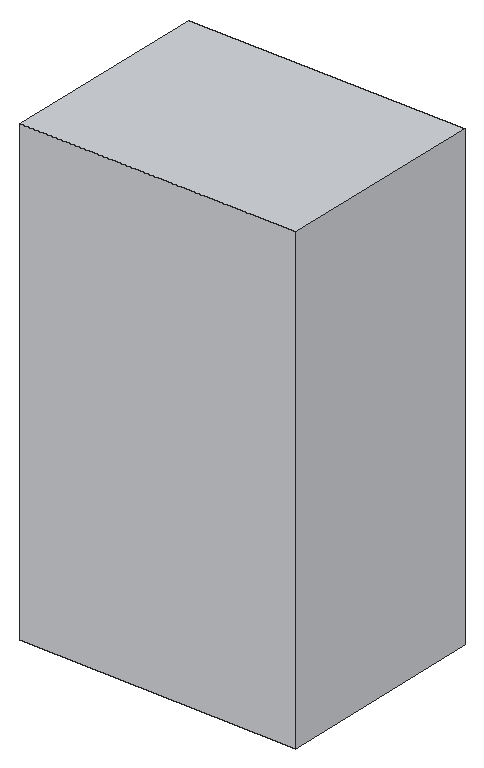
Revit family
Parameters
  Trim Material = Metal - Stainless Steel
  Body Material = Metal - Stainless Steel
  Warranty Duration (Years) = 0
  URL = "http://www.americanspecialties.com/viewCategories.cfm"
  Test Data = ""
  Specification = "http://www.arcat.com/sdspecs/htm/10810asi.htm"
  SpecWizard = ""
  Send Message = "http://www.arcat.com/users.pl?action=UserEmail&company=American%20Specialties,%20Inc.&coid=30448&rep=139&fax=914-476-0688&mf="
  Sales Information = "http://www.americanspecialties.com/contact"
  Revision = "R1_10-2010"
  Product Properties = "http://www.americanspecialties.com/datasheets/0267.pdf"
  Product Data = "http://www.arcat.com/arcatcos/cos30/arc30448.html"
  Model = "As Specified in 10 28 13"
  Manufacturer Website = "http://www.americanspecialties.com/viewCategories.cfm"
  Manufacturer Phone - Toll Free = ""
  Manufacturer Phone = "914-476-9000 "
  Manufacturer Fax = "914-476-0688"
  Manufacturer Address = "441 Saw Mill River Rd., Yonkers, NY 10701"
  Manufacturer = "American Specialties, Inc."
  Maintenance Schedule (Months) = 0
  Keynote = "10 28 13"
  Installation-Fabrication = "http://www.americanspecialties.com/products.cfm"
  Green Building-LEED = ""
  Expected Lifespan (Years) = 0
  Drawn By = "Robert S. Weygant. CSI, CDT, SCIP"  # constant formula
  Description = "Toilet Accessory as Specified in 10 28 13"
  Default Elevation = 4' - 0"
  Copyright = "©Arcat Inc."
  Construction Details = "http://www.arcat.com/green/clients/leed_data_30448.html"
  Building Codes = "http://www.americanspecialties.com/products.cfm"
  Assembly Code = "C1030210"
Reference planes (in)
  plane 1 "Center (Front/Back)": y = -0.29112
  plane 2 "Floor Line": z = 0
  plane 3 "Center (Left/Right)": x = -0.65843
  plane 4: x = -7.72093
  plane 5: x = 6.40407
  plane 6: y = 3.58388
  plane 7: y = -4.16612
Forms (in)
  Extrusion 1, solid
    sketch origin (-3.65843, -10.3328, -6) x (0, 0, -1) y (1, 0, 0)
      loop
        line (-82, 26) -> (-82, -19.34712) -> (-6, -19.34712) -> (-6, 26) -> (-82, 26)
    from 9 to -25.60721
  Extrusion 2, solid, material "Metal - Stainless Steel" <- "Body Material"
    sketch origin (0, 0, 0) x (1, 0, 0) y (0, 1, 0)
      loop
        line (-7.65843, 3.58388) -> (-7.65843, -3.91612)
        arc (-7.65843, -3.91612) -> (-7.58521, -4.09289) -> (-7.40843, -4.16612) r 0.25
        line (-7.40843, -4.16612) -> (6.09157, -4.16612)
        arc (6.09157, -4.16612) -> (6.26834, -4.09289) -> (6.34157, -3.91612) r 0.25
        line (6.34157, -3.91612) -> (6.34157, 3.58388) -> (-7.65843, 3.58388)
      loop
        arc (-6.28343, 1.78533) -> (-6.15843, 1.31883) -> (-6.03343, 1.78533) r 0.25
        line (-6.03343, 1.78533) -> (-6.03343, 2.19383)
        arc (-6.03343, 2.19383) -> (-6.15843, 2.31883) -> (-6.28343, 2.19383) r 0.125
        line (-6.28343, 2.19383) -> (-6.28343, 1.78533)
      loop
        line (4.96657, 1.78533) -> (4.96657, 2.19383)
        arc (4.96657, 2.19383) -> (4.84157, 2.31883) -> (4.71657, 2.19383) r 0.125
        line (4.71657, 2.19383) -> (4.71657, 1.78533)
        arc (4.71657, 1.78533) -> (4.84157, 1.31883) -> (4.96657, 1.78533) r 0.25
      loop
        arc (-5.65843, -1.73144) -> (-5.78343, -1.85644) -> (-5.65843, -1.98144) r 0.125
        line (-5.65843, -1.98144) -> (-4.65843, -1.98144)
        arc (-4.65843, -1.98144) -> (-4.53343, -1.85644) -> (-4.65843, -1.73144) r 0.125
        line (-4.65843, -1.73144) -> (-5.65843, -1.73144)
      loop
        line (4.34157, -1.73144) -> (3.34157, -1.73144)
        arc (3.34157, -1.73144) -> (3.21657, -1.85644) -> (3.34157, -1.98144) r 0.125
        line (3.34157, -1.98144) -> (4.34157, -1.98144)
        arc (4.34157, -1.98144) -> (4.46657, -1.85644) -> (4.34157, -1.73144) r 0.125
    from 0 to 0.0625
  Extrusion 3, solid, material "Metal - Stainless Steel" <- "Body Material"
    sketch origin (-0.65843, 0, 0) x (0, 1, 0) y (0, 0, 1)
      loop
        line (-0.29112, 6.5) -> (-0.29112, 6.4394) -> (3.54741, 0.0625) -> (3.58388, 0.0625) -> (-0.29112, 6.5)
    from -7.0625 to 7.0625
  Extrusion 4, solid, material "Metal - Stainless Steel" <- "Body Material"
    sketch origin (-0.65843, 0, 0) x (0, 1, 0) y (0, 0, 1)
      loop
        line (3.58388, 0.0625) -> (-0.29112, 6.5) -> (-3.16612, 0.0625) -> (3.58388, 0.0625)
    from -7.0625 to -7.03125
  Extrusion 5, solid, material "Metal - Stainless Steel" <- "Body Material"
    sketch origin (-0.65843, 0, 0) x (0, 1, 0) y (0, 0, -1)
      loop
        line (3.58388, -0.0625) -> (-3.16612, -0.0625) -> (-0.29112, -6.5) -> (3.58388, -0.0625)
    from -7.0625 to -7.03125
  Extrusion 6, solid, material "Metal - Stainless Steel" <- "Body Material"
    sketch origin (-0.65843, 0, 0) x (0, 1, 0) y (0, 0, 1)
      loop
        line (-0.05425, 6.1065) -> (-0.29112, 6.5) -> (-0.36882, 6.326) -> (-0.18817, 6.02589) -> (-0.05425, 6.1065)
    from -7.0625 to 7.0625
Cuts and joins
  joined: Extrusion 3, Extrusion 4, Extrusion 5, Extrusion 6
Dimensions and locks (in)
  aligned and locked: Extrusion 3 to plane 4
  aligned and locked: Extrusion 3 to plane 5
  aligned and locked: Extrusion 4 to plane 4
  aligned and locked: cut or joined group of Extrusion 3, Extrusion 4, Extrusion 5, Extrusion 6 to Extrusion 6 sketch curve
  aligned and locked: Extrusion 6 to plane 4
  aligned and locked: Extrusion 6 to plane 5
  aligned and locked: plane 6 to Extrusion 2 sketch curve
